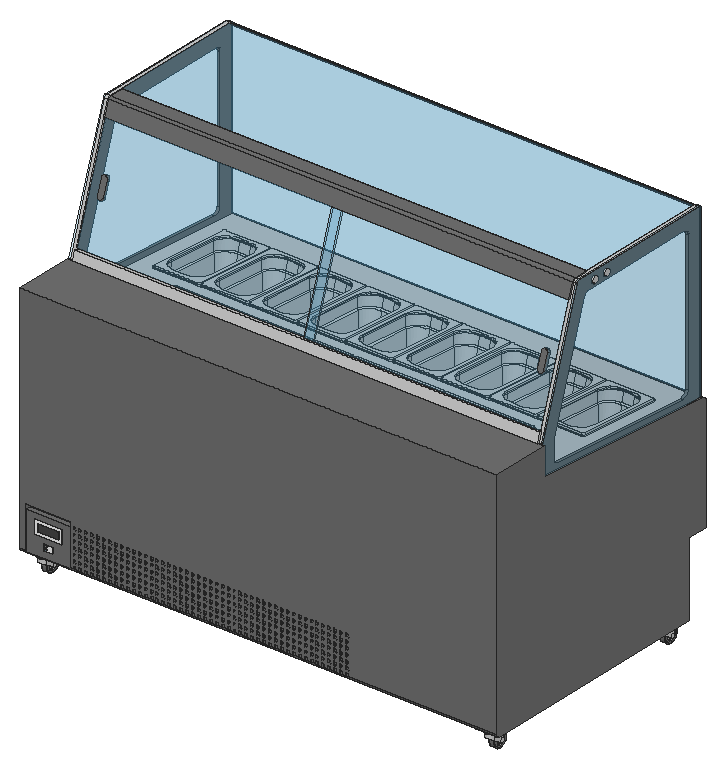
Revit family "QF_BLIZZARD_LUXE12_250923021643", category Specialty Equipment, Revit 2021 (continued)
Definition of nested family "QF_BLIZZARD_SUNDAE12_2920"
  Lines and regions (mm)
    symbolic lines
      curve 266: spline (85, -114.363, 0) -> (83.825, -114.439, 0) -> (82.671, -114.668, 0) -> (81.556, -115.045, 0) -> (80.5, -115.564, 0) -> (79.521, -116.216, 0) -> (78.636, -116.99, 0) -> (77.86, -117.872, 0) -> (77.206, -118.848, 0) -> (76.685, -119.9, 0) -> (76.307, -121.012, 0) -> (76.077, -122.163, 0) -> (76, -123.333, 0)
      curve 267: spline (223.5, -355.193, 0) -> (223.089, -361.438, 0) -> (221.864, -367.576, 0) -> (219.846, -373.502, 0) -> (217.069, -379.115, 0) -> (213.581, -384.319, 0) -> (209.441, -389.024, 0) -> (204.721, -393.151, 0) -> (199.5, -396.628, 0) -> (193.869, -399.396, 0) -> (187.923, -401.407, 0) -> (181.765, -402.628, 0) -> (175.5, -403.038, 0)
      curve 268: line (175.5, -403.038, 0) -> (138.5, -403.038, 0)
      curve 269: spline (138.5, -403.038, 0) -> (132.235, -402.628, 0) -> (126.077, -401.407, 0) -> (120.131, -399.396, 0) -> (114.5, -396.628, 0) -> (109.279, -393.151, 0) -> (104.559, -389.024, 0) -> (100.419, -384.319, 0) -> (96.931, -379.115, 0) -> (94.154, -373.502, 0) -> (92.136, -367.576, 0) -> (90.911, -361.438, 0) -> (90.5, -355.193, 0)
      curve 270: line (90.5, -355.193, 0) -> (90.5, -176.741, 0)
      curve 271: line (223.5, -176.741, 0) -> (223.5, -355.193, 0)
      curve 272: spline (90.5, -176.741, 0) -> (90.911, -170.496, 0) -> (92.136, -164.358, 0) -> (94.154, -158.432, 0) -> (96.931, -152.819, 0) -> (100.419, -147.615, 0) -> (104.559, -142.91, 0) -> (109.279, -138.784, 0) -> (114.5, -135.307, 0) -> (120.131, -132.539, 0) -> (126.077, -130.527, 0) -> (132.235, -129.306, 0) -> (138.5, -128.897, 0)
      curve 273: line (138.5, -128.897, 0) -> (175.5, -128.897, 0)
      curve 274: spline (175.5, -128.897, 0) -> (181.765, -129.306, 0) -> (187.923, -130.527, 0) -> (193.869, -132.539, 0) -> (199.5, -135.307, 0) -> (204.721, -138.784, 0) -> (209.441, -142.91, 0) -> (213.581, -147.615, 0) -> (217.069, -152.819, 0) -> (219.846, -158.432, 0) -> (221.864, -164.358, 0) -> (223.089, -170.496, 0) -> (223.5, -176.741, 0)
  Dimensions and locks
    plane 3 "Left" to plane 4 "Right" = 1610 mm
    plane 5 "Front" to plane 1 "Back" = 880 mm
    plane 6 "Top" to level = 1300 mm  (x2)
    plane 1 "Back" to plane 5 "Front" = 880 mm
    plane 4 "Right" to plane 3 "Left" = 1610 mm
    aligned and locked: level to plane 2
Definition of nested family "CONN_POINT_ELE_2D___Generic_Annotation"
  Parameters (values of type "CONN_POINT_ELE_2D___Generic_Annotation")
    Onboard connection annotation symbol visibility [instance] = yes
  Reference planes
    plane 1: y = 0
    plane 2: x = 0
  Lines and regions (mm)
    detail lines, visible <- "Onboard connection annotation symbol visibility"
      curve 1: circle (0, 0, 0) r 0.5 normal (0, 0, 1)
      curve 2: line (-1, 0, 0) -> (1, 0, 0)
      curve 3: line (0, 1, 0) -> (0, -1, 0)
      curve 4: line (2.5, 1, 0) -> (1.25, 1, 0)
      curve 5: line (1.25, 1, 0) -> (1.25, -1, 0)
      curve 6: line (1.25, -1, 0) -> (2.5, -1, 0)
      curve 7: line (1.25, 0, 0) -> (2, 0, 0)
